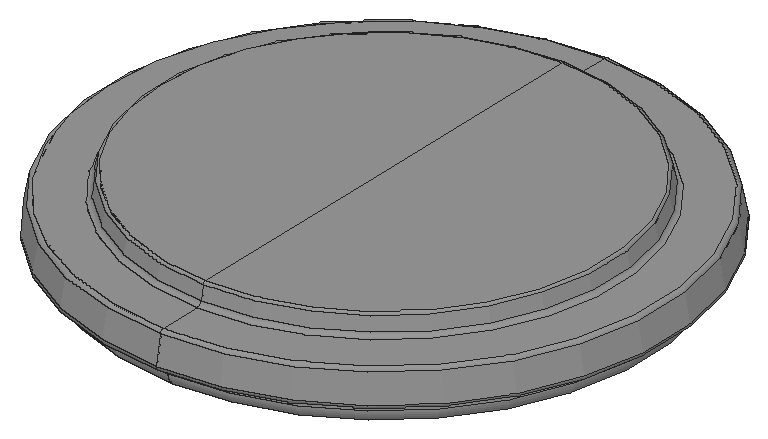
Revit family "FMK12_63_UN_Surface-mounted_ETK", category Lighting Fixtures, Revit 2017 (continued)
Definition of nested family "FMK.1 - Lightsource"
  Types (13, lengths in mm): name | Wattage Comments | Photometric Web File | built-in parameter 1150142 | Apparent Load
    FMK.1129.10N - Ø250x48 / 12W | "12W" | "FMK.1129.10n.ies" | "IESNA:LM-63-2002\r\n[TEST] /2015\r\n[TESTLAB] ies2eulumdat.appspot.com\r\n[ISSUEDATE] 2021-06-16T09:00:21.829\r\n[MANUFAC] www.etk.nl\r\n[LUMCAT] FMK.1109.10\r\n[LUMINAIRE] FMK.1 LED 12W 3000/4000/5700K ø250 niet dimbaar\r\n[LAMPCAT] LED\r\n[LAMP] LED\r\nTILT=NONE\r\n1\t1150\t1\t46\t180\t1\t2\t-0.250\t-0.250\t0\r\n1.0\t1.0\t11.80\r\n0\t 2\t 4\t 6\t 8\t 10\t 12\t 14\t 16\t 18\r\n20\t 22\t 24\t 26\t 28\t 30\t 32\t 34\t 36\t 38\r\n40\t 42\t 44\t 46\t 48\t 50\t 52\t 54\t 56\t 58\r\n60\t 62\t 64\t 66\t 68\t 70\t 72\t 74\t 76\t 78\r\n80\t 82\t 84\t 86\t 88\t 90\r\n0\t 2\t 4\t 6\t 8\t 10\t 12\t 14\t 16\t 18\r\n20\t 22\t 24\t 26\t 28\t 30\t 32\t 34\t 36\t 38\r\n40\t 42\t 44\t 46\t 48\t 50\t 52\t 54\t 56\t 58\r\n60\t 62\t 64\t 66\t 68\t 70\t 72\t 74\t 76\t 78\r\n80\t 82\t 84\t 86\t 88\t 90\t 92\t 94\t 96\t 98\r\n100\t 102\t 104\t 106\t 108\t 110\t 112\t 114\t 116\t 118\r\n120\t 122\t 124\t 126\t 128\t 130\t 132\t 134\t 136\t 138\r\n140\t 142\t 144\t 146\t 148\t 150\t 152\t 154\t 156\t 158\r\n160\t 162\t 164\t 166\t 168\t 170\t 172\t 174\t 176\t 178\r\n180\t 182\t 184\t 186\t 188\t 190\t 192\t 194\t 196\t 198\r\n200\t 202\t 204\t 206\t 208\t 210\t 212\t 214\t 216\t 218\r\n220\t 222\t 224\t 226\t 228\t 230\t 232\t 234\t 236\t 238\r\n240\t 242\t 244\t 246\t 248\t 250\t 252\t 254\t 256\t 258\r\n260\t 262\t 264\t 266\t 268\t 270\t 272\t 274\t 276\t 278\r\n280\t 282\t 284\t 286\t 288\t 290\t 292\t 294\t 296\t 298\r\n300\t 302\t 304\t 306\t 308\t 310\t 312\t 314\t 316\t 318\r\n320\t 322\t 324\t 326\t 328\t 330\t 332\t 334\t 336\t 338\r\n340\t 342\t 344\t 346\t 348\t 350\t 352\t 354\t 356\t 358\r\n\r\n405.3384\t404.7765\t404.2265\t402.9975\t401.1013\t399.2051\t395.3191\t391.4331\t387.5471\t383.661\r\n379.7751\t373.4779\t367.169\t360.8717\t354.5746\t348.2657\t339.7094\t331.1415\t322.5852\t314.029\r\n305.461\t294.8096\t284.1582\t273.5069\t262.8555\t252.2041\t239.7267\t227.261\t214.7837\t202.3181\r\n189.8525\t177.3751\t164.9094\t152.432\t139.9664\t127.4891\t0\t0\t0\t0\r\n0\t0\t0\t0\t0\t0\r\n405.3384\t404.7925\t404.2577\t403.0448\t401.1686\t399.2994\t395.4335\t391.5606\t387.7102\t383.8203\r\n379.9334\t373.6444\t367.3443\t361.0453\t354.7325\t348.4388\t339.8983\t331.3616\t322.8117\t314.2627\r\n305.722\t295.0872\t284.4404\t273.8022\t263.1576\t252.5163\t240.0548\t227.5873\t215.131\t202.664\r\n190.1945\t177.7378\t165.2697\t152.8012\t140.3312\t128.1946\t0.3296\t0\t0\t0\r\n0\t0\t0\t0\t0\t0\r\n405.3384\t404.8094\t404.2892\t403.0935\t401.2796\t399.4809\t395.6213\t391.7396\t387.8385\t383.9437\r\n380.072\t373.802\t367.5085\t361.2065\t354.9129\t348.6531\t340.137\t331.5961\t323.0451\t314.5012\r\n305.9895\t295.3818\t284.734\t274.0862\t263.4264\t252.8071\t240.376\t227.9231\t215.4572\t202.995\r\n190.53\t178.0631\t165.6056\t153.1389\t140.6717\t129.4859\t1.3419\t0\t0\t0\r\n0\t0\t0\t0\t0\t0\r\n405.3384\t404.8271\t404.3209\t403.1488\t401.3532\t399.5783\t395.7291\t391.8382\t387.9181\t384.0265\r\n380.1901\t373.9544\t367.6616\t361.3486\t355.0482\t348.8012\t340.3437\t331.8018\t323.2501\t314.6929\r\n306.2129\t295.662\t285.012\t274.3604\t263.7094\t253.1247\t240.74\t228.2758\t215.8122\t203.3491\r\n190.8749\t178.4127\t165.9503\t153.4898\t141.027\t131.3458\t3.1025\t0\t0\t0\r\n0\t0\t0\t0\t0\t0\r\n405.3384\t404.8458\t404.3591\t403.1978\t401.4167\t399.6486\t395.7816\t391.8937\t388.0038\t384.1068\r\n380.2987\t374.1143\t367.817\t361.5156\t355.2003\t348.9967\t340.5979\t332.043\t323.4957\t314.942\r\n306.4955\t295.9896\t285.3021\t274.6328\t263.9659\t253.4202\t241.0823\t228.6129\t216.1591\t203.6915\r\n191.2234\t178.7558\t166.3001\t153.8352\t141.371\t133.6544\t5.718\t0\t0\t0\r\n0\t0\t0\t0\t0\t0\r\n405.3384\t404.8652\t404.3908\t403.2459\t401.4706\t399.6646\t395.8675\t391.9843\t388.0857\t384.1821\r\n380.4316\t374.3456\t368.0256\t361.7021\t355.3697\t349.2\t340.8799\t332.2872\t323.6935\t315.0968\r\n306.6804\t296.3012\t285.6181\t274.9391\t264.248\t253.707\t241.4578\t228.9766\t216.4988\t204.0245\r\n191.5571\t179.0864\t166.6186\t154.1544\t141.6922\t136.24\t9.3369\t0\t0\t0\r\n0\t0\t0\t0\t0\t0\r\n405.3384\t404.8854\t404.4219\t403.2933\t401.5055\t399.7186\t395.9651\t392.0842\t388.1903\t384.3067\r\n380.5784\t374.5562\t368.2162\t361.8639\t355.4958\t349.3364\t341.1183\t332.5123\t323.9013\t315.2964\r\n306.9063\t296.6299\t285.9122\t275.1976\t264.4831\t253.9575\t241.8218\t229.3201\t216.8328\t204.3396\r\n191.8483\t179.3695\t166.8926\t154.4222\t141.9565\t138.8551\t14.1501\t0\t0\t0\r\n0\t0\t0\t0\t0\t0\r\n405.3384\t404.9066\t404.4521\t403.3398\t401.5506\t399.7766\t396.0731\t392.2029\t388.3231\t384.3922\r\n380.6589\t374.7488\t368.3792\t361.9898\t355.5837\t349.4181\t341.3685\t332.7528\t324.1099\t315.4532\r\n307.0598\t296.9581\t286.2249\t275.4731\t264.7159\t254.1799\t242.1928\t229.6762\t217.1659\t204.6692\r\n192.1717\t179.6758\t167.1817\t154.6978\t142.2295\t141.3105\t20.401\t0\t0\t0\r\n0\t0\t0\t0\t0\t0\r\n405.3384\t404.9688\t404.4817\t403.3908\t401.5946\t399.8358\t396.2032\t392.3475\t388.4203\t384.4425\r\n380.7195\t374.9437\t368.5473\t362.1238\t355.6851\t349.5134\t341.9282\t332.9785\t324.3069\t315.6402\r\n306.9436\t297.5694\t286.5262\t275.7395\t264.9593\t254.1623\t242.7912\t230.0358\t217.5005\t204.986\r\n192.4711\t179.9636\t167.4644\t154.9748\t142.4941\t143.2492\t28.3764\t0\t0\t0\r\n0\t0\t0\t0\t0\t0\r\n405.3384\t404.9901\t404.5102\t403.434\t401.6375\t399.8986\t396.3675\t392.4653\t388.4946\t384.4886\r\n380.7515\t375.1532\t368.7296\t362.2829\t355.7949\t349.2691\t342.1908\t333.257\t324.528\t315.7751\r\n307.0363\t297.9246\t286.8722\t276.0236\t265.1733\t254.3419\t243.18\t230.433\t217.8766\t205.3224\r\n192.7845\t180.2462\t167.7206\t155.2142\t142.724\t144.3059\t38.4235\t0\t0\t0\r\n0\t0\t0\t0\t0\t0\r\n405.3384\t405.0108\t404.5376\t403.4745\t401.6757\t399.9613\t396.5103\t392.5677\t388.5717\t384.5293\r\n380.4421\t375.6788\t368.9428\t362.4278\t355.8852\t349.3419\t342.4468\t333.4846\t324.7196\t315.9401\r\n307.1422\t298.1755\t287.1691\t276.2852\t265.4162\t254.5351\t243.54\t230.8321\t218.2158\t205.6051\r\n193.0422\t180.5018\t167.9628\t155.4439\t142.9509\t130.4715\t80.1717\t0\t0\t0\r\n0\t0\t0\t0\t0\t0\r\n405.3384\t405.0308\t404.5638\t403.5122\t401.7197\t400.0344\t396.6479\t392.675\t388.642\t384.5539\r\n380.446\t375.8849\t369.1475\t362.5941\t356.0076\t349.3402\t342.606\t333.7678\t324.9507\t316.0958\r\n307.1888\t298.3823\t287.5427\t276.5987\t265.6547\t254.6769\t243.7733\t231.1892\t218.5583\t205.9536\r\n193.3574\t180.7795\t168.2176\t155.6732\t143.1664\t130.6811\t92.6587\t0\t0\t0\r\n0\t0\t0\t0\t0\t0\r\n405.3384\t405.0504\t404.5956\t403.547\t401.7653\t400.0733\t397.0342\t392.7846\t388.7175\t384.6009\r\n380.4658\t376.0643\t369.3866\t362.7735\t356.0799\t349.3699\t342.7566\t334.0832\t325.1628\t316.2179\r\n307.2752\t298.5357\t287.9146\t276.8913\t265.8705\t254.8646\t244.0337\t231.6235\t218.9315\t206.265\r\n193.6356\t181.0339\t168.4572\t155.9156\t143.3861\t130.8825\t104.473\t0\t0\t0\r\n0\t0\t0\t0\t0\t0\r\n405.3384\t405.0692\t404.6173\t403.5726\t401.812\t400.0922\t397.1653\t392.8976\t388.795\t384.6787\r\n380.4567\t376.1942\t369.6246\t362.9226\t356.2055\t349.4272\t342.8367\t334.3769\t325.3805\t316.3703\r\n307.3625\t298.3377\t288.5546\t277.2123\t266.1258\t255.0391\t244.1559\t232.0335\t219.3073\t206.6258\r\n193.9576\t181.3129\t168.7045\t156.1324\t143.5875\t131.0872\t115.0185\t0\t0\t0\r\n0\t0\t0\t0\t0\t0\r\n405.3384\t405.0876\t404.6362\t403.6022\t401.8688\t399.828\t397.2783\t392.9976\t388.9023\t384.7385\r\n380.4432\t376.2623\t369.8607\t363.1303\t356.3361\t349.4819\t342.5273\t334.9205\t325.6274\t316.563\r\n307.4647\t298.325\t288.8953\t277.552\t266.3836\t255.2249\t244.066\t232.6598\t219.71\t206.9637\r\n194.2635\t181.5828\t168.9417\t156.3369\t143.7678\t131.2452\t123.6219\t0\t0\t0\r\n0\t0\t0\t0\t0\t0\r\n405.3384\t405.1054\t404.6527\t403.6299\t401.9954\t399.8313\t397.3825\t393.1311\t389.0376\t384.7914\r\n380.4256\t376.2601\t370.1442\t363.3441\t356.5\t349.5195\t342.4467\t335.1645\t325.9313\t316.7695\r\n307.548\t298.3169\t289.1161\t277.9297\t266.651\t255.4032\t244.1853\t232.9715\t220.1319\t207.3312\r\n194.5444\t181.8166\t169.148\t156.5181\t143.9438\t131.4005\t129.5504\t10.7169\t0\t0\r\n0\t0\t0\t0\t0\t0\r\n405.3384\t405.1227\t404.6665\t403.6558\t402.0282\t399.8387\t397.4732\t393.2952\t389.1616\t384.8421\r\n380.4176\t375.9014\t370.721\t363.6037\t356.6569\t349.5494\t342.4061\t335.3294\t326.2421\t316.9739\r\n307.6665\t298.3454\t289.1781\t278.2878\t266.963\t255.6467\t244.3238\t233.1536\t220.5163\t207.6577\r\n194.8355\t182.0686\t169.3482\t156.6677\t144.0408\t131.4715\t131.8453\t25.923\t0\t0\r\n0\t0\t0\t0\t0\t0\r\n405.3384\t405.1396\t404.6776\t403.6776\t402.0538\t399.8619\t397.5341\t393.5083\t389.2881\t384.8846\r\n380.4261\t375.832\t370.9139\t363.9038\t356.8028\t349.6355\t342.4017\t335.332\t326.5796\t317.2212\r\n307.8198\t298.3417\t288.8594\t278.9905\t267.339\t255.8866\t244.4302\t233.0061\t221.1259\t208.0094\r\n195.1274\t182.2902\t169.5075\t156.7928\t144.1389\t131.538\t118.9821\t72.5747\t0\t0\r\n0\t0\t0\t0\t0\t0\r\n405.3384\t405.1559\t404.686\t403.7113\t402.0482\t399.882\t397.6063\t393.7003\t389.4083\t384.9648\r\n380.4586\t375.7543\t371.0891\t364.165\t357.0131\t349.7518\t342.4103\t334.9484\t327.1548\t317.4999\r\n307.9709\t298.3923\t288.8332\t279.2321\t267.7019\t256.1485\t244.593\t233.049\t221.4516\t208.379\r\n195.4187\t182.5259\t169.6952\t156.9157\t144.2105\t131.5685\t118.9925\t91.6472\t0\t0\r\n0\t0\t0\t0\t0\t0\r\n405.3384\t405.1718\t404.6918\t403.7304\t402.0748\t399.9057\t397.6713\t393.8957\t389.5114\t385.088\r\n380.4979\t375.7076\t371.0587\t364.4889\t357.2386\t349.9042\t342.4218\t334.8539\t327.2884\t317.8216\r\n308.1836\t298.5219\t288.784\t279.2695\t268.1369\t256.4569\t244.7869\t233.1079\t221.6219\t208.7797\r\n195.7476\t182.7712\t169.842\t157.0084\t144.2669\t131.5897\t118.9856\t106.3522\t0\t0\r\n0\t0\t0\t0\t0\t0\r\n405.3384\t405.1872\t404.677\t403.7455\t402.1069\t399.9332\t397.7438\t394.3242\t389.6719\t385.2237\r\n380.5442\t375.6807\t370.6129\t365.0631\t357.5309\t350.0674\t342.4859\t334.7817\t327.2448\t318.4473\r\n308.4635\t298.6371\t288.784\t278.8955\t268.7927\t256.8209\t244.9966\t233.2361\t221.4851\t209.3772\r\n196.0586\t182.9925\t170.014\t157.1221\t144.303\t131.5659\t118.922\t115.4507\t0.7529\t0\r\n0\t0\t0\t0\t0\t0\r\n405.3384\t405.2023\t404.5924\t403.7567\t402.1445\t399.9518\t397.5215\t394.4699\t389.8906\t385.382\r\n380.6063\t375.6074\t370.4961\t365.1827\t357.8531\t350.2794\t342.5728\t334.767\t326.8088\t318.7303\r\n308.7717\t298.8224\t288.8326\t278.8036\t268.8778\t257.2662\t245.3121\t233.3885\t221.4719\t209.6291\r\n196.4163\t183.2663\t170.1886\t157.217\t144.3317\t131.5459\t118.8227\t106.1876\t17.4697\t0\r\n0\t0\t0\t0\t0\t0\r\n405.3384\t405.217\t404.5944\t403.7643\t402.2164\t399.9969\t397.5215\t394.5348\t390.1198\t385.5481\r\n380.6842\t375.579\t370.3695\t365.1761\t358.5091\t350.5396\t342.7377\t334.7731\t326.7113\t318.7291\r\n309.1553\t299.0695\t288.9289\t278.7193\t268.5571\t257.9194\t245.6422\t233.5555\t221.5159\t209.6959\r\n196.8141\t183.564\t170.3986\t157.3153\t144.3298\t131.4311\t118.6433\t105.963\t65.2493\t0\r\n0\t0\t0\t0\t0\t0\r\n405.3384\t405.2314\t404.597\t403.7683\t402.259\t400.1387\t397.5142\t394.6254\t390.3718\t385.7346\r\n380.7618\t375.6336\t370.2359\t364.7113\t358.7633\t350.8369\t342.942\t334.8576\t326.6208\t318.2983\r\n309.7123\t299.3766\t289.0811\t278.7695\t268.3526\t258.0866\t246.0418\t233.822\t221.6258\t209.5032\r\n197.3492\t183.8918\t170.5912\t157.4067\t144.3357\t131.3476\t118.48\t105.7362\t86.9291\t0\r\n0\t0\t0\t0\t0\t0\r\n405.3384\t405.2454\t404.6007\t403.7691\t402.2969\t400.2013\t397.5194\t394.7022\t390.8756\t385.9297\r\n380.8283\t375.6809\t370.2029\t364.5257\t358.7975\t351.2443\t343.1931\t334.9798\t326.6184\t318.1094\r\n309.6994\t299.7814\t289.3562\t278.8261\t268.235\t257.6488\t246.725\t234.1375\t221.8235\t209.5282\r\n197.4412\t184.2693\t170.8692\t157.5318\t144.3183\t131.2485\t118.3192\t105.4985\t99.8452\t0\r\n0\t0\t0\t0\t0\t0\r\n405.3384\t405.2465\t404.6055\t403.7327\t402.33\t400.28\t397.5374\t394.7758\t391.1064\t386.1222\r\n380.9814\t375.6963\t370.1916\t364.3689\t358.3019\t351.8681\t343.551\t335.1761\t326.6651\t318.0094\r\n309.224\t300.3263\t289.676\t278.9673\t268.2109\t257.4449\t246.79\t234.5954\t222.0662\t209.6096\r\n197.2538\t184.796\t171.1111\t157.6776\t144.3725\t131.1929\t118.1378\t105.2239\t92.4606\t7.417\r\n0\t0\t0\t0\t0\t0\r\n405.3384\t405.26\t404.6117\t403.7331\t402.3583\t400.3318\t397.5727\t394.5667\t391.2865\t386.3445\r\n381.2477\t375.7985\t370.1959\t364.244\t358.0878\t351.9228\t343.9437\t335.4465\t326.8059\t317.9911\r\n309.0489\t300.2024\t290.2985\t279.2004\t268.2951\t257.2789\t246.344\t235.2056\t222.4167\t209.7955\r\n197.2042\t184.8605\t171.4948\t157.9091\t144.4487\t131.1247\t117.9609\t104.9565\t92.1149\t52.9313\r\n0\t0\t0\t0\t0\t0\r\n405.3384\t405.2736\t404.6193\t403.7351\t402.3811\t400.3748\t397.6302\t394.5872\t391.3781\t386.8119\r\n381.4951\t375.9993\t370.2514\t364.1293\t357.9116\t351.3889\t344.5079\t335.822\t327.0416\t318.0736\r\n308.9557\t299.6921\t290.3569\t279.5927\t268.421\t257.3226\t246.1\t234.903\t222.8814\t210.0311\r\n197.2958\t184.6475\t172.0079\t158.165\t144.5452\t131.0796\t117.7978\t104.7315\t91.8426\t76.8551\r\n0\t0\t0\t0\t0\t0\r\n405.3384\t405.2871\t404.6284\t403.7382\t402.383\t400.4092\t397.8019\t394.6157\t391.382\t386.9759\r\n381.7537\t376.2214\t370.3501\t364.1175\t357.7917\t351.1064\t344.4201\t336.5393\t327.3814\t318.2587\r\n308.9705\t299.4656\t289.8818\t280.0753\t268.8078\t257.4031\t245.984\t234.5829\t223.2864\t210.4452\r\n197.4796\t184.6232\t171.8738\t158.4916\t144.6856\t131.1101\t117.7175\t104.5034\t91.5471\t87.0893\r\n0\t0\t0\t0\t0\t0\r\n405.3384\t405.3008\t404.6392\t403.7418\t402.3989\t400.4352\t397.8747\t394.6614\t391.0674\t387.1128\r\n382.2229\t376.4632\t370.4832\t364.2203\t357.7251\t350.8963\t343.8101\t336.6669\t327.8215\t318.561\r\n309.1145\t299.4337\t289.6313\t279.6987\t269.4041\t257.6346\t246.0417\t234.3777\t222.7877\t211.0609\r\n197.8041\t184.6956\t171.7174\t158.9026\t144.9461\t131.1605\t117.657\t104.3263\t91.2411\t78.3968\r\n8.6356\t0\t0\t0\t0\t0\r\n405.3384\t405.3146\t404.6518\t403.7453\t402.4116\t400.4333\t397.9374\t394.7255\t391.0189\t387.2362\r\n382.4741\t376.7553\t370.621\t364.3583\t357.712\t350.7498\t343.5434\t336.0689\t328.3754\t318.9975\r\n309.3575\t299.5473\t289.484\t279.3984\t269.2587\t258.261\t246.2079\t234.3624\t222.4746\t210.6739\r\n198.3975\t184.9162\t171.7187\t158.643\t145.2545\t131.3415\t117.6016\t104.16\t90.981\t78.0548\r\n54.1337\t0\t0\t0\t0\t0\r\n405.3384\t405.4889\t404.6945\t403.6712\t402.4205\t400.4506\t397.9834\t394.8928\t390.9998\t386.973\r\n382.6577\t377.3141\t370.8707\t364.5641\t357.7877\t350.7046\t343.3801\t335.7208\t327.8525\t319.6767\r\n309.7968\t299.7787\t289.6134\t279.2245\t268.6962\t258.2578\t246.6038\t234.4814\t222.3847\t210.2821\r\n198.4381\t185.3347\t171.8446\t158.564\t145.4985\t131.5442\t117.6455\t104.0124\t90.7095\t77.7184\r\n71.0115\t0\t0\t0\t0\t0\r\n405.3384\t405.5009\t404.7104\t403.6809\t402.4254\t400.4644\t398.0198\t394.9896\t391.014\t386.9406\r\n382.6666\t377.537\t371.2201\t364.837\t357.9545\t350.7593\t343.2926\t335.5022\t327.46\t319.1538\r\n310.4783\t300.1684\t289.8497\t279.2431\t268.5397\t257.661\t246.8589\t234.8353\t222.4783\t210.092\r\n197.8192\t185.7046\t172.2109\t158.5712\t145.1721\t131.9025\t117.7262\t103.9048\t90.5045\t77.4349\r\n64.724\t0\t0\t0\t0\t0\r\n405.3384\t405.512\t404.7274\t403.6949\t402.4256\t400.4737\t398.0459\t395.0319\t391.1349\t386.9314\r\n382.368\t377.565\t371.7894\t365.1647\t358.2122\t350.925\t343.2805\t335.4297\t327.1908\t318.7224\r\n309.9642\t300.886\t290.2777\t279.5029\t268.5805\t257.4726\t246.2239\t235.0727\t222.7881\t210.1727\r\n197.5617\t185.0625\t172.6371\t158.8143\t145.0846\t131.6118\t117.8827\t103.9322\t90.3265\t77.1744\r\n64.48\t35.0653\t0\t0\t0\t0\r\n405.3384\t405.522\t404.7455\t403.7452\t402.4209\t400.4773\t398.0588\t395.0488\t391.1753\t387.0135\r\n382.3352\t377.2242\t371.9159\t365.7147\t358.5534\t351.2243\t343.4254\t335.4792\t327.0606\t318.4772\r\n309.4696\t300.3065\t290.8705\t280.0089\t268.8629\t257.5392\t246.0377\t234.4621\t222.8965\t210.6316\r\n197.5873\t184.7291\t171.9505\t159.2993\t145.2866\t131.4601\t118.0115\t103.9741\t90.2222\t76.9361\r\n64.1798\t56.618\t0\t0\t0\t0\r\n405.3384\t405.5308\t404.7649\t403.7651\t402.3395\t400.4737\t398.0593\t395.0424\t391.207\t387.0567\r\n382.3506\t377.1527\t371.6378\t365.821\t359.1154\t351.6039\t343.7387\t335.6237\t327.116\t318.3892\r\n309.185\t299.8538\t290.1589\t280.4669\t269.6277\t257.8645\t246.1541\t234.2897\t222.3665\t210.3175\r\n198.0481\t184.7232\t171.6272\t158.6683\t145.768\t131.577\t117.6798\t104.1455\t90.1031\t76.7097\r\n63.9092\t51.7004\t0\t0\t0\t0\r\n405.3384\t405.5388\t404.7856\t403.7878\t402.34\t400.4766\t398.0469\t395.016\t391.2276\t387.086\r\n382.4782\t377.1848\t371.6139\t365.5258\t359.2193\t352.1252\t344.383\t335.9209\t327.3527\t318.4608\r\n309.1505\t299.601\t289.7392\t279.6691\t269.2868\t258.5846\t246.5891\t234.456\t222.2595\t209.9698\r\n197.5743\t185.146\t171.655\t158.2647\t145.101\t132.0467\t117.7168\t103.7776\t90.1162\t76.5416\r\n63.6537\t51.4481\t11.4644\t0\t0\t0\r\n405.3384\t405.5455\t404.8079\t403.8136\t402.3469\t400.3632\t398.021\t394.9736\t391.2361\t387.0991\r\n382.4999\t377.3413\t371.7228\t365.4801\t358.9167\t352.0852\t344.7107\t336.4982\t327.7775\t318.7203\r\n309.3167\t299.5744\t289.5996\t279.3072\t268.7148\t257.8887\t247.047\t235.2639\t222.5436\t209.9771\r\n197.2699\t184.5597\t171.885\t158.2865\t144.6692\t131.337\t118.1829\t103.7905\t89.9666\t76.4265\r\n63.4089\t51.1676\t44.0861\t0\t0\t0\r\n405.3384\t405.5513\t404.9774\t403.8429\t402.3609\t400.3505\t397.8886\t394.8898\t391.2407\t387.0953\r\n382.4979\t377.3824\t371.7634\t365.5989\t358.905\t351.812\t344.4396\t336.63\t328.3847\t319.3177\r\n309.7407\t299.8087\t289.728\t279.2246\t268.459\t257.4328\t246.1417\t234.7065\t223.2024\t210.4254\r\n197.4644\t184.3923\t171.2764\t158.1367\t144.9817\t130.9885\t117.4819\t104.1949\t89.9202\t76.3115\r\n63.1698\t50.8615\t39.4911\t0\t0\t0\r\n405.3384\t405.5559\t404.9992\t403.8756\t402.382\t400.349\t397.8573\t394.7468\t391.2145\t387.0848\r\n382.4587\t377.3893\t371.7642\t365.6347\t359.0468\t351.9462\t344.3869\t336.3706\t328.1386\t319.4674\r\n310.3444\t300.4744\t290.1739\t279.4322\t268.5321\t257.3547\t245.836\t234.1207\t222.3374\t210.1954\r\n198.078\t184.7804\t171.3331\t157.8412\t144.3958\t131.1966\t117.2105\t103.4803\t90.2145\t76.2405\r\n62.9998\t50.5463\t39.207\t5.7837\t0\t0\r\n
